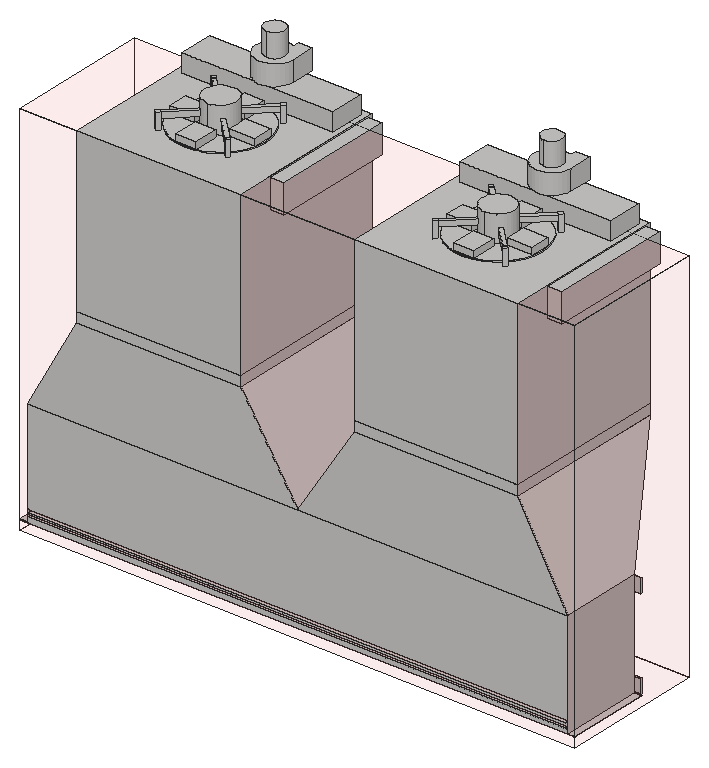
Revit family "Air-Curtain_Industrial_PoweredAire_Gas-Indirect-2Heater", category Mechanical Equipment, host Face, Revit 2024
Family settings
  Host = Face
  Round Connector Dimension = Use Diameter
  Part Type = Normal
  OmniClass Number = 23.75.35.17.21
  OmniClass Title = Air Curtains
  Cut with Voids When Loaded = No
  Maintain Annotation Orientation = No
  Shared = No
  Room Calculation Point = No
Parameters
  topbracket [instance] = Unit Height = 1' 4 3/4"  # yes
  Warranty Duration (Years) = 0
  Unit Width Notes = "Other Widths available."  # constant formula
  Unit Width = 9' - 3 5/32"
  Unit Weight = 0
  Unit Height = 1' - 4 3/4"
  Unit Depth = 1' - 9 1/4"
  URL = "http://www.poweredaire.com/"
  Test Data = ""
  Standards Conformance = "as Specified"
  Specification = "http://www.arcat.com/sdspecs/htm04/23_34_33pai.htm"
  SpecWizard = ""
  Sound Pressure = "as Specified"
  Sales Information = "http://www.poweredaire.com/contact_us"
  Revision = "R1_2016-08"
  Projection from Host [instance] = 0' - 2"
  Product Properties = ""
  Product Data = "http://www.arcat.com/arcatcos/cos47/arc47623.html"
  Power Rating = 0 W
  Piping_Operating Pressure [instance] = 0.00 psi
  Pipe OD [instance] = 5/8"
  Overall Depth = 6' - 1 3/4"
  Nozzle Width = if(1 = 1, Unit Width - 0' 3", 0' 0")  # 9' - 0 5/32"
  Mounting Width = if(1 = 1, Unit Width - 0' 1 1/2", 0' 0")  # 9' - 1 21/32"
  Mounting Height [instance] = 3' - 6"
  Motor RPM = 0
  Motor HP = 0
  Motor Count = 0
  Model = "As Specified"
  Max Height = 0' - 0"
  Manufacturer Website = "http://www.poweredaire.com/"
  Manufacturer Phone - Toll Free = "888-321-2473"
  Manufacturer Phone = "724-588-3305"
  Manufacturer Fax = "724-588-3371"
  Manufacturer Address = "109 Mortensen Rd.  Greenville, PA 16125"
  Manufacturer = "Powered Aire, Inc"
  Maintenance Schedule (Months) = 0
  Keynote = "23 34 33"
  Installation-Fabrication = ""
  Installation Phase = ""
  Include Clearance [instance] = yes
  Heating Element Load = 0 W
  Heater Weight = 0
  Heater Hanging Width = 2' - 6 5/8"
  Heater Finish [instance] = Metal - Steel - PoweredAire - Stainless 304
  HVAC_Temperature Rise = 0 °F
  HVAC_Primary CFM = 0 CFM
  HVAC_Outlet Volume = 0 CFM
  HVAC_Outlet Velocity Uniformity = 0
  HVAC_Outlet Velocity = 0 FPM
  HVAC_Exit Temperature [instance] = 0 °F
  HVAC_BTU Output = 0.0 Btu/h
  HVAC_BTU Input = 0.0 Btu/h
  Green Building-LEED = "http://www.arcat.com/green/clients/leed_data_47623.html"
  Gas Connection Diameter [instance] = 0"
  Frame Finish [instance] = Metal - Steel - PoweredAire - Stainless 304
  Expected Lifespan (Years) = 0
  Exhaust Connection Diameter = 0' - 5"
  Electrical_Wattage [instance] = Power Rating + Heating Element Load  # 0 W
  Electrical_Voltage [instance] = 0 V
  Electrical_Phase [instance] = 1
  Electrical_Frequency [instance] = 0 Hz
  Electrical_Amperage [instance] = 0 A
  Drawn By = "Sumex Design, Inc. / Robert S. Weygant, CSI, CDT, SCIP"
  Description = "Powered Aire Air Curtain as Specified"
  Default Elevation = 0' - 0"  # constant formula
  Copyright = "©Arcat Inc."
  Construction Details = "http://www.arcat.com/details/powair/prod3336.html"
  Clearance_Top [instance] = 1' - 0"
  Clearance_Side B [instance] = 0' - 0"
  Clearance_Side A [instance] = 0' - 0"
  Clearance_Intake [instance] = 0' - 0"
  Clearance_Bottom [instance] = 0' - 0"
  Clearance Material [instance] = ARCAT Clearance
  Building Codes = ""
  Available Options [instance] = "as Specified"
  Assembly Code = "D3090400"
Reference planes (in)
  plane 1 "Center (Elevation)": y = 0.13818
  plane 2: z = 0
  plane 3 "Center (Left/Right)": x = 0
  plane 4 "Top": y = 8.51318
  plane 5: y = -8.23682
  plane 6: x = -55.57812
  plane 7: x = 55.57813
  plane 8 "Front": z = 23.25
  plane 9 "FF": y = -41.86182
  plane 10: z = 2
  plane 11: x = 54.07813
  plane 12: x = -54.07812
  plane 13: y = 20.51318
  plane 14: y = -8.23682
  plane 15: x = -55.57812
  plane 16: x = 55.57813
  plane 17: z = 75.75
  plane 18: x = 54.01563
  plane 19: x = -54.01562
  plane 20: x = 54.07813
  plane 21: x = 54.07813
  plane 22: y = 6.01318
  plane 23: y = -5.73682
  plane 24: z = 75.75
  plane 25: z = 43.25
  plane 26: z = 41.25
  plane 27: x = -43.10156
  plane 28: x = -12.47656
  plane 29: x = -44.16406
  plane 30: x = -11.41406
  plane 31: x = 12.47656
  plane 32: x = 43.10156
  plane 33: x = 11.41406
  plane 34: x = 44.16406
  plane 35: x = -27.78906
  plane 36: x = 27.78906
Forms (in)
  Extrusion 1, solid, material "Metal - Steel - PoweredAire - Stainless 304" <- "Frame Finish"
    sketch origin (0, 0, 0) x (0, 1, 0) y (0, 0, 1)
      loop
        line (-8.23682, 2) -> (8.51318, 2) -> (8.51318, 23.25) -> (-8.23682, 23.25) -> (-8.23682, 2)
    from -54.07813 to 54.07812
  Extrusion 2, solid, material "ARCAT Clearance" <- "Clearance Material", visible <- "Include Clearance"
    sketch origin (0, 0, 0) x (0, 1, 0) y (0, 0, 1)
      loop
        line (-8.23682, 75.75) -> (-8.23682, 0) -> (20.51318, 0) -> (20.51318, 75.75) -> (-8.23682, 75.75)
    from -55.57812 to 55.57812
  Extrusion 3, solid, material "Metal - Steel - PoweredAire - Stainless 304" <- "Frame Finish"
    sketch origin (-15.17702, -180, 2) x (-1, 0, 0) y (0, -1, 0)
      loop
        line (-69.25515, -188.51318) -> (-69.25515, -171.76318) -> (-70.75515, -171.76318) -> (-70.75515, -188.51318) -> (-69.25515, -188.51318)
      loop
        line (38.9011, -188.51318) -> (40.4011, -188.51318) -> (40.4011, -171.76318) -> (38.9011, -171.76318) -> (38.9011, -188.51318)
    from 0 to 0.125
  Extrusion 4, solid, material "Metal - Steel - PoweredAire - Stainless 304" <- "Frame Finish", visible <- "topbracket"
    sketch origin (-11.83813, 8.51318, 48) x (-1, 0, 0) y (0, 0, 1)
      loop
        line (-65.91625, -45.5) -> (-65.91625, -42.75) -> (-67.41625, -42.75) -> (-67.41625, -45.5) -> (-65.91625, -45.5)
      loop
        line (-65.91625, -27.5) -> (-65.91625, -24.75) -> (-67.41625, -24.75) -> (-67.41625, -27.5) -> (-65.91625, -27.5)
      loop
        line (42.24, -45.5) -> (43.74, -45.5) -> (43.74, -42.75) -> (42.24, -42.75) -> (42.24, -45.5)
      loop
        line (42.24, -27.5) -> (43.74, -27.5) -> (43.74, -24.75) -> (42.24, -24.75) -> (42.24, -27.5)
    from 0 to -0.125
  Extrusion 5, void
    sketch origin (0, 0, 0) x (0, 1, 0) y (0, 0, 1)
      loop
        line (-8.23682, 3) -> (-7.23682, 3) -> (-7.23682, 4.5) -> (-8.23682, 4.5) -> (-8.23682, 3.82425) -> (-7.38364, 3.82425) -> (-7.38364, 3.57425) -> (-8.23682, 3.57425) -> (-8.23682, 3)
    from -54.01563 to 54.01562
  Blend 6, solid, material "Metal - Steel - PoweredAire - Stainless 304" <- "Frame Finish"
    base sketch origin (-15.17702, -180, 23.25) x (-1, 0, 0) y (0, -1, 0)
      loop
        line (38.9011, -188.51318) -> (38.9011, -171.76318) -> (-15.17702, -171.76318) -> (-15.17702, -188.51318) -> (38.9011, -188.51318)
    top sketch origin (-15.17702, -180, 23.25) x (-1, 0, 0) y (0, -1, 0)
      loop
        line (28.98704, -171.76318) -> (-3.76296, -171.76318) -> (-3.76296, -204.76318) -> (28.98704, -204.76318) -> (28.98704, -171.76318)
    from 0 to 18
  Blend 7, solid, material "Metal - Steel - PoweredAire - Stainless 304" <- "Frame Finish"
    base sketch origin (15.17702, -180, 23.25) x (1, 0, 0) y (0, 1, 0)
      loop
        line (38.9011, 188.51318) -> (-15.17702, 188.51318) -> (-15.17702, 171.76318) -> (38.9011, 171.76318) -> (38.9011, 188.51318)
    top sketch origin (15.17702, -180, 23.25) x (1, 0, 0) y (0, 1, 0)
      loop
        line (28.98704, 171.76318) -> (28.98704, 204.76318) -> (-3.76296, 204.76318) -> (-3.76296, 171.76318) -> (28.98704, 171.76318)
    from 0 to 18
Cuts and joins
  Extrusion 5 cuts Extrusion 1
Dimensions and locks (in)
  equal spacing: plane 4 "Top", plane 1 "Center (Elevation)", plane 5
  "Unit Height": plane 4 "Top" to plane 5
  "Unit Width": plane 6 to plane 7
  "Mounting Height": plane 1 "Center (Elevation)" to plane 9 "FF"
  "Projection from Host": plane 10 to level
  "Unit Depth": plane 8 "Front" to plane 10
  locked: plane 6 to plane 12 at 1.5
  locked: plane 11 to plane 7 at 1.5
  "Clearance_Side A": plane 7 to plane 16
  "Clearance_Side B": plane 15 to plane 6
  "Clearance_Top": plane 13 to plane 4 "Top"
  "Clearance_Bottom": plane 5 to plane 14
  "Clearance_Intake": plane 17 to plane 24
  Extrusion 5 sketch curve to Extrusion 5 sketch curve to Extrusion 5 sketch curve to Extrusion 5 sketch curve to plane 10 = 0' - 0.67575" locked, 0' - 0 1/4" locked, 0' - 0.57425" locked, 0' - 1" locked
  plane 5 to Extrusion 5 sketch curve to Extrusion 5 sketch curve = 0' - 0.85319" locked, 0' - 0.14681" locked
  locked: plane 19 to plane 12 at 0.0625
  locked: plane 11 to plane 18 at 0.0625
  locked: plane 20 to plane 11
  locked: plane 21 to plane 11
  locked: plane 4 "Top" to plane 22 at 2.5
  locked: plane 23 to plane 5 at 2.5
  "Overall Depth": plane 24 to plane 10
  locked: plane 25 to plane 26 at 2
  locked: plane 24 to plane 25 at 32.5
  locked: Blend 6 sketch curve to plane 5 at 33
  Extrusion 4 sketch curve to Extrusion 4 sketch curve to plane 10 = 0' - 2 3/4" locked, 0' - 0 1/2" locked  (x2)
  plane 8 "Front" to Extrusion 4 sketch curve to Extrusion 4 sketch curve = 0' - 0" locked, 0' - 2 3/4" locked  (x2)
  locked: plane 28 to plane 30 at 1.0625
  locked: plane 29 to plane 27 at 1.0625
  locked: plane 32 to plane 34 at 1.0625
  locked: plane 33 to plane 31 at 1.0625
  equal spacing: plane 6, plane 35, plane 3 "Center (Left/Right)", plane 36, plane 7
  equal spacing: plane 27, plane 35, plane 28
  "Heater Hanging Width": plane 27 to plane 28
  equal spacing: plane 31, plane 36, plane 32
  "Heater Hanging Width": plane 31 to plane 32
  locked: Blend 7 sketch curve to plane 5 at 33
  aligned and locked: plane 2 to host face
  aligned and locked: level to host face
  aligned and locked: Extrusion 2 sketch curve to plane 17
  aligned and locked: plane 14 to Extrusion 2 sketch curve
  aligned and locked: level to Extrusion 2 sketch curve
  aligned and locked: Extrusion 2 sketch curve to plane 13
  aligned and locked: plane 16 to Extrusion 2
  aligned and locked: Extrusion 2 to plane 15
  aligned and locked: plane 11 to Extrusion 1
  aligned and locked: Extrusion 1 to plane 12
  aligned and locked: Extrusion 1 sketch curve to plane 8 "Front"
  aligned and locked: plane 24 to nested 1
  aligned and locked: plane 5 to Blend 6 sketch curve
  aligned and locked: plane 12 to Blend 6 sketch curve
  aligned and locked: Blend 6 sketch curve to plane 4 "Top"
  aligned and locked: Blend 6 sketch curve to plane 5
  aligned and locked: plane 26 to Blend 6
  aligned and locked: plane 35 to nested 1
  aligned and locked: plane 36 to nested 2
  aligned and locked: plane 24 to nested 2
  aligned and locked: Blend 6 sketch curve to plane 3 "Center (Left/Right)"
  aligned and locked: Blend 6 sketch curve to plane 29
  aligned and locked: plane 30 to Blend 6 sketch curve
  aligned and locked: Blend 7 sketch curve to plane 5  (x2)
  aligned and locked: Blend 7 sketch curve to plane 3 "Center (Left/Right)"
  aligned and locked: plane 11 to Blend 7 sketch curve
  aligned and locked: Blend 7 sketch curve to plane 4 "Top"
  aligned and locked: plane 33 to Blend 7 sketch curve
  aligned and locked: Blend 7 sketch curve to plane 34
  aligned and locked: plane 18 to cut or joined group of Extrusion 1, Extrusion 5
  aligned and locked: cut or joined group of Extrusion 1, Extrusion 5 to plane 19
Automatic sketch dimensions
  host sketch curve to host sketch curve = 8' - 0"  (x2)
  Extrusion 1 sketch curve to plane 5 = 0' - 0"
  Extrusion 1 sketch curve to plane 4 "Top" = 0' - 0"
  Extrusion 1 sketch curve to plane 10 = 0' - 0"
  plane 4 "Top" to Extrusion 3 sketch curve = 0' - 0"
  Extrusion 3 sketch curve to plane 7 = 0' - 0"
  plane 5 to Extrusion 3 sketch curve = 0' - 0"
  Extrusion 3 sketch curve to plane 11 = 0' - 0"
  Extrusion 3 sketch curve to plane 4 "Top" = 0' - 0"
  Extrusion 3 sketch curve to plane 12 = 0' - 0"
  Extrusion 3 sketch curve to plane 6 = 0' - 0"
  Extrusion 3 sketch curve to plane 5 = 0' - 0"
  Extrusion 4 sketch curve to plane 7 = 0' - 0"  (x2)
  Extrusion 4 sketch curve to plane 11 = 0' - 0"  (x2)
  Extrusion 4 sketch curve to plane 12 = 0' - 0"  (x2)
  Extrusion 4 sketch curve to plane 6 = 0' - 0"  (x2)
  Extrusion 5 sketch curve to plane 5 = 0' - 0"  (x2)
Nested families (in)
  nested 1: "Heater" at (-27.78906, -8.23682, 43.2987) x (1, 0, 0) z (0, 1, 0), finish <- "Heater Finish", burner width <- "Heater Hanging Width", type "Heater"
    with finish Metal - Steel - PoweredAire - Stainless 304, burner width 2' - 6 5/8", Two Fan no, One Fan yes
  nested 2: "Heater" at (27.78906, -8.23682, 43.2987) x (1, 0, 0) z (0, 1, 0), finish <- "Heater Finish", burner width <- "Heater Hanging Width", type "Heater"
    with finish Metal - Steel - PoweredAire - Stainless 304, burner width 2' - 6 5/8", Two Fan no, One Fan yes
Connectors (in)
  electrical at (-54.07812, 0.13818, 12.625), driven by "Electrical_Voltage", driven by "Electrical_Phase"
    settings: on cut or joined group of Extrusion 1, Extrusion 5, index 3, voltage 0 V, apparent load 0 VA, apparent load phase1 0 VA, apparent load phase2 0 VA, apparent load phase3 0 VA, power factor 1, load classification "Motor", number of poles 1, system type 31, power factor state 1, is connector primary yes, connector utility no, sub classification motor no, connector description ""
  hvac at (-24.78906, 24.76318, 81.40625), driven by "Exhaust Connection Diameter", driven by "HVAC_Primary CFM"
    settings: on nested 1, index 4, duct flow 0 CFM, flow factor 0, pres drop 0.00 in-wg, loss coef 0, conn angle 0.00°, conn width 12", conn height 12", conn diameter 5", duct sys type 3, conn prof type 0, flow config 0, flow direction 2, loss method 0, conn ref index -1, conn util no, is conn primary yes, conn desc ""
  hvac at (30.78906, 24.76318, 81.40625), driven by "HVAC_Primary CFM", driven by "Exhaust Connection Diameter"
    settings: on nested 2, index 5, duct flow 0 CFM, flow factor 0, pres drop 0.00 in-wg, loss coef 0, conn angle 0.00°, conn width 12", conn height 12", conn diameter 5", duct sys type 3, conn prof type 0, flow config 0, flow direction 2, loss method 0, conn ref index -1, conn util no, is conn primary no, conn desc ""
Definition of nested family "Heater"
  Parameters
    finish [instance] = none
    burner width [instance] = 4' - 0 5/8"
    burner depth = 3' - 8 3/4"
    Two Fan [instance] = burner width > 4' 0"  # yes
    One Fan [instance] = burner width < 4' 0"  # no
    Default Elevation = 0' - 0"  # constant formula
  Reference planes (in)
    plane 1 "Center (Front/Back)": y = 0
    plane 2: z = 0
    plane 3 "Center (Left/Right)": x = 0
    plane 4: x = -25.375
    plane 5: x = 25.375
    plane 6: z = 33
    plane 7: y = -44.75
    plane 8: x = 3
    plane 9: x = 4.375
    plane 10: x = -12.6875
    plane 11: x = 12.6875
    plane 12: z = 15.5
    plane 13: x = -24.3125
    plane 14: x = 24.3125
  Forms (in)
    Extrusion 1, solid, material <- "finish"
      sketch origin (-74.94554, -3, 38.65968) x (0, 0, 1) y (1, 0, 0)
        loop
          line (-5.65968, 49.57054) -> (-5.65968, 100.32054) -> (-38.65968, 100.32054) -> (-38.65968, 49.57054) -> (-5.65968, 49.57054)
      from 3 to -29.4513
    Extrusion 2, solid, material <- "finish"
      sketch origin (0, 0, 0) x (0, 1, 0) y (0, 0, 1)
        loop
          line (2, 0) -> (2, 33) -> (0, 33) -> (0, 0) -> (2, 0)
      from -25.375 to 25.375
    Extrusion 3, solid, material <- "finish"
      sketch origin (-74.94554, -32.4513, 38.65968) x (0, 0, 1) y (1, 0, 0)
        loop
          line (-6.91591, 50.82971) -> (-6.91591, 99.10844) -> (-13.91591, 99.10844) -> (-13.91591, 50.82971) -> (-6.91591, 50.82971)
      from 0 to -3.625
    Extrusion 4, solid, material <- "finish"
      sketch origin (-74.94554, -36.0763, 38.65968) x (0, 0, 1) y (1, 0, 0)
        loop
          arc (-10.4052, 79.32054) -> (-12.67312, 72.60509) -> (-6.79809, 76.57054) r 3.74068
          line (-6.79809, 76.57054) -> (-5.65968, 76.57054) -> (-5.65968, 79.32054) -> (-10.4052, 79.32054)
      from 0 to -4.0625
    Extrusion 5, solid, material <- "finish"
      sketch origin (-73.58006, -40.1388, 35.52564) x (0, 0, -1) y (1, 0, 0)
        loop
          circle (7.27116, 74.21438) r 2
      from 4.6112 to 0
    Extrusion 6, solid, material <- "finish"
      sketch origin (0, 0, 0) x (1, 0, 0) y (0, 1, 0)
        loop
          line (28.3125, -32.4513) -> (28.3125, -26.7013) -> (25.3125, -26.7013) -> (25.3125, -32.4513) -> (28.3125, -32.4513)
      from 7.25 to 31.75
    Extrusion 7, solid, material <- "finish", visible <- "Two Fan"
      sketch origin (0, 0, 0) x (0, 1, 0) y (0, 0, 1)
        loop
          line (-32.4513, 6.22268) -> (-44.15658, 5.1986) -> (-44.15658, 4.4486) -> (-32.4513, 4.85736) -> (-32.4513, 6.22268)
      from -25.375 to 25.375
  Dimensions and locks (in)
    locked: Extrusion 4 sketch curve to Extrusion 4 sketch curve at 2.75
    "burner width": plane 13 to plane 14
    locked: plane 6 to level at 33
    "burner depth": plane 7 to plane 1 "Center (Front/Back)"
    locked: plane 8 to plane 9 at 1.375
    Extrusion 4 sketch curve to Extrusion 4 sketch curve to plane 8 = 0' - 0.99068" locked, 0' - 1 3/8" locked
    locked: Extrusion 5 sketch curve to plane 8 at 2.36568
    locked: plane 8 to plane 3 "Center (Left/Right)" at 3
    Extrusion 6 sketch curve to plane 5 to Extrusion 6 sketch curve = 0' - 0 1/16" locked, 0' - 2 15/16" locked
    equal spacing: plane 5, plane 11, plane 3 "Center (Left/Right)", plane 10, plane 4
    locked: plane 4 to plane 13 at 1.0625
    locked: plane 14 to plane 5 at 1.0625
    aligned and locked: plane 2 to level
    aligned: Extrusion 4 to Extrusion 5
    aligned: Extrusion 3 to Extrusion 2  (x2)
    aligned and locked: plane 7 to Extrusion 5
    aligned and locked: plane 4 to Extrusion 1 sketch curve
    aligned and locked: Extrusion 1 sketch curve to plane 5
    aligned and locked: Extrusion 7 to plane 4
    aligned and locked: plane 5 to Extrusion 7
    aligned and locked: plane 12 to nested 1
    aligned and locked: plane 3 "Center (Left/Right)" to nested 1
    aligned and locked: plane 12 to nested 3
    aligned and locked: plane 11 to nested 3
    aligned and locked: plane 10 to nested 2
    aligned and locked: plane 12 to nested 2
    aligned and locked: plane 5 to Extrusion 2
    aligned and locked: Extrusion 2 to plane 4
  Automatic sketch dimensions
    Extrusion 1 to Extrusion 3 sketch curve = 0' - 1.25917"
    Extrusion 1 to Extrusion 3 sketch curve = 0' - 8.25624"
    Extrusion 1 to Extrusion 3 sketch curve = 0' - 1.2121"
    Extrusion 1 to Extrusion 3 sketch curve = 0' - 1.25624"
    Extrusion 4 sketch curve to Extrusion 3 = 0' - 0.11782"
    Extrusion 4 sketch curve to Extrusion 3 = 0' - 1.25624"
    Extrusion 5 sketch curve to Extrusion 4 = 0' - 4.74552"
    Extrusion 1 sketch curve to level = 0' - 0"
    Extrusion 1 sketch curve to plane 6 = 0' - 0"
    Extrusion 2 sketch curve to level = 0' - 0"
    Extrusion 2 sketch curve to plane 1 "Center (Front/Back)" = 0' - 0"
    Extrusion 2 sketch curve to plane 6 = 0' - 0"
    Extrusion 2 sketch curve to Extrusion 2 sketch curve = 0' - 2"
    Extrusion 6 sketch curve to plane 7 = 1' - 0.2987"
    Extrusion 6 sketch curve to Extrusion 6 sketch curve = 0' - 5 3/4"
    Extrusion 7 sketch curve to plane 7 = 0' - 0.59342"
    level to Extrusion 7 sketch curve = 0' - 4.4486"
    Extrusion 7 sketch curve to Extrusion 7 sketch curve = 0' - 0 3/4"
    level to Extrusion 7 sketch curve = 0' - 4.85736"
    Extrusion 7 sketch curve to Extrusion 7 sketch curve = 0' - 11.70529"
    Extrusion 7 sketch curve to Extrusion 7 sketch curve = 0' - 1.36532"
    radius of Extrusion 5 sketch curve = 0' - 2"
  Nested families (in)
    nested 1: "FanControls" at (0, -32.4513, 15.5) x (1, 0, 0) z (0, -1, 0), finish <- "finish", visible <- "One Fan", type "FanControls"
      with finish none
    nested 2: "FanControls" at (-12.6875, -32.4513, 15.5) x (1, 0, 0) z (0, -1, 0), finish <- "finish", visible <- "Two Fan", type "FanControls"
      with finish none
    nested 3: "FanControls" at (12.6875, -32.4513, 15.5) x (1, 0, 0) z (0, -1, 0), finish <- "finish", visible <- "Two Fan", type "FanControls"
      with finish none
  Definition of nested family "FanControls"
    Parameters
      finish [instance] = none
      Default Elevation = 4' - 0"
    Reference planes (in)
      plane 1 "Center (Front/Back)": y = 0
      plane 2: z = 0
      plane 3 "Center (Left/Right)": x = 0
    Forms (in)
      Extrusion 1, solid, material <- "finish"
        sketch origin (-75.00804, 32.07233, 0) x (1, 0, 0) y (0, -1, 0)
          loop
            circle (75.00804, 32.07233) r 3.25
        from -5.33075 to 0
      Extrusion 2, solid, material <- "finish"
        sketch origin (24.44581, -78.06044, 0) x (1, 0, 0) y (0, -1, 0)
          loop
            line (-22.50831, -86.58776) -> (-22.50831, -81.58776) -> (-26.50831, -81.58776) -> (-26.50831, -86.58776) -> (-22.50831, -86.58776)
          loop
            line (-22.50831, -69.53312) -> (-26.50831, -69.53312) -> (-26.50831, -74.53312) -> (-22.50831, -74.53312) -> (-22.50831, -69.53312)
          loop
            line (-15.98099, -76.06044) -> (-20.98099, -76.06044) -> (-20.98099, -80.06044) -> (-15.98099, -80.06044) -> (-15.98099, -76.06044)
          loop
            line (-33.03563, -76.06044) -> (-33.03563, -80.06044) -> (-28.03563, -80.06044) -> (-28.03563, -76.06044) -> (-33.03563, -76.06044)
        from 0 to -1.37288
      Extrusion 3, solid, material <- "finish"
        sketch origin (-75.00804, 21.40968, 0) x (1, 0, 0) y (0, -1, 0)
          loop
            line (68.02536, 14.95733) -> (68.55569, 14.427) -> (75.00804, 20.87935) -> (81.46039, 14.427) -> (81.99072, 14.95733) -> (75.53837, 21.40968) -> (81.99072, 27.86203) -> (81.46039, 28.39236) -> (75.00804, 21.94001) -> (68.55569, 28.39236) -> (68.02536, 27.86203) -> (74.47771, 21.40968) -> (68.02536, 14.95733)
        from -3.1123 to -2
      Extrusion 4, solid, material <- "finish"
        sketch origin (-75.00804, 21.40968, 0) x (1, 0, 0) y (0, -1, 0)
          loop
            line (68.02536, 13.89667) -> (68.55569, 14.427) -> (68.02536, 14.95733) -> (67.49503, 14.427) -> (68.02536, 13.89667)
          loop
            line (82.52105, 14.427) -> (81.99072, 14.95733) -> (81.46039, 14.427) -> (81.99072, 13.89667) -> (82.52105, 14.427)
          loop
            line (81.99072, 28.92269) -> (81.46039, 28.39236) -> (81.99072, 27.86203) -> (82.52105, 28.39236) -> (81.99072, 28.92269)
          loop
            line (67.49503, 28.39236) -> (68.02536, 27.86203) -> (68.55569, 28.39236) -> (68.02536, 28.92269) -> (67.49503, 28.39236)
        from 0 to -3.1123
      Extrusion 5, solid, material <- "finish"
        sketch origin (0, 0, 0) x (1, 0, 0) y (0, 1, 0)
          loop
            circle (0, 0) r 9
        from 0 to 0.14961
    Dimensions and locks (in)
      Extrusion 4 sketch curve to Extrusion 4 sketch curve to Extrusion 4 sketch curve to Extrusion 4 sketch curve = 0' - 0.53033" locked, 0' - 0" locked, 0' - 0.53033" locked  (x4)
      Extrusion 3 sketch curve to Extrusion 3 sketch curve to Extrusion 3 sketch curve to Extrusion 3 sketch curve to Extrusion 3 sketch curve = 0' - 5.92202" locked, 0' - 0" locked, 0' - 0.53033" locked, 0' - 0" locked
      Extrusion 3 sketch curve to Extrusion 3 sketch curve to Extrusion 3 sketch curve to Extrusion 3 sketch curve to Extrusion 3 sketch curve = 0' - 0" locked, 0' - 0.53033" locked, 0' - 0" locked, 0' - 5.92202" locked
      locked: Extrusion 2 sketch curve to Extrusion 2 sketch curve at 5  (x2)
      aligned and locked: plane 2 to level
